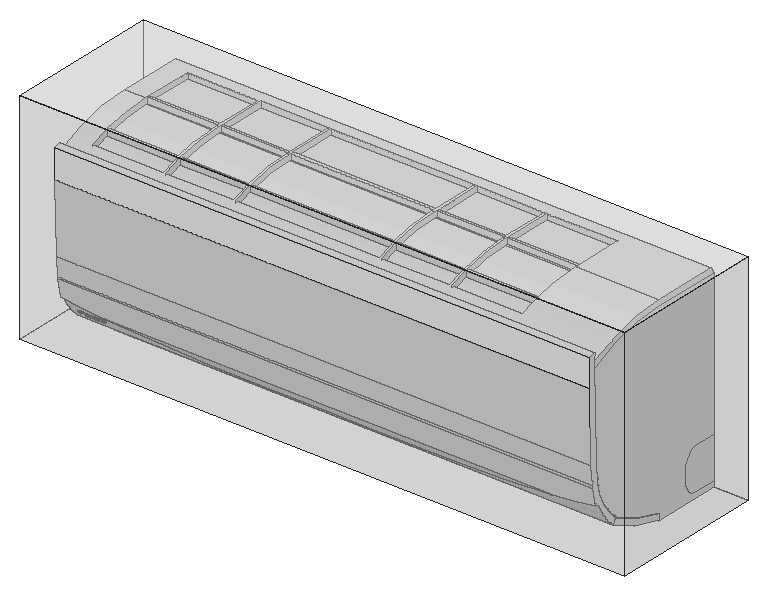
Revit family "outputfile", category 機械設備, Revit 2024
Family settings
  丸型コネクタ寸法 = 半径を使用
  パーツ タイプ = 標準
  OmniClass 番号 = 23.75.10.24.21.27.27
  OmniClass タイトル = Split System Air Conditioning Units
  作業面ベース = いいえ
  常に垂直 = はい
  ロード時にボイドで切り取り = いいえ
  注釈の向きを維持 = いいえ
  共有 = いいえ
  部屋計算ポイント = いいえ
Parameters (values of type "FTKM46Q2VMA")
  書き出し IFC クラス(タイプ) = "IfcUnitaryEquipmentType"
  定義済み IFC タイプ(タイプ) = "AIRCONDITIONINGUNIT"
  Cost = 0
  Type Comments = ""
  Keynote = ""
  Type Image = (empty or 0)
  Assembly Code = ""
  w_wall hole = if(Width = 770.0 mm, 48.0 mm, 60.0 mm)  # 48.0 mm
  製造元 = "Daikin"
  モデル = "FTKM46Q2VMA"
  switch_frequency = yes
  r_Liquid Pipe Size = Liquid Pipe Size / 2  # 3.2 mm
  r_Gas Pipe Size = Gas Pipe Size / 2  # 6.35 mm
  r_Drain Pipe Size = Drain Pipe Size / 2  # 8.0 mm
  lw_powersupply [instance] = if(Width = 770.0 mm, if(or(Rear Right Connection_refrigerant, Bottom Right Connection_refrigerant), 25.0 mm, if(or(Rear Left Connection_refrigerant, Bottom Left Connection_refrigerant), 745.0 mm, 400.0 mm)), if(Width = 990.0 mm, if(or(Rear Right Connection_refrigerant, Bottom Right Connection_refrigerant), 40.0 mm, if(or(Rear Left Connection_refrigerant, Bottom Left Connection_refrigerant), 920.0 mm, 400.0 mm)), if(or(Rear Right Connection_refrigerant, Bottom Right Connection_refrigerant), 40.0 mm, if(or(Rear Left Connection_refrigerant, Bottom Left Connection_refrigerant), 920.0 mm, 400.0 mm))))  # 400.0 mm
  lw_liquidpipe [instance] = if(Width = 770.0 mm, if(or(Rear Right Connection_refrigerant, Bottom Right Connection_refrigerant), 0.0 mm, if(or(Rear Left Connection_refrigerant, Bottom Left Connection_refrigerant), 664.0 mm, 385.0 mm)), if(Width = 990.0 mm, if(or(Rear Right Connection_refrigerant, Bottom Right Connection_refrigerant), 0.0 mm, if(or(Rear Left Connection_refrigerant, Bottom Left Connection_refrigerant), 664.0 mm + (990.0 mm - 770.0 mm), 475.0 mm)), if(or(Rear Right Connection_refrigerant, Bottom Right Connection_refrigerant), 0.0 mm, if(or(Rear Left Connection_refrigerant, Bottom Left Connection_refrigerant), 664.0 mm + (990.0 mm - 770.0 mm), 475.0 mm))))  # 385.0 mm
  lw_gaspipe [instance] = if(Width = 770.0 mm, if(or(Rear Right Connection_refrigerant, Bottom Right Connection_refrigerant), 0.0 mm, if(or(Rear Left Connection_refrigerant, Bottom Left Connection_refrigerant), 675.0 mm, if(Gas Pipe Size = 12.7 mm, 345.0 mm, 335.0 mm))), if(Width = 990.0 mm, if(or(Rear Right Connection_refrigerant, Bottom Right Connection_refrigerant), 10.0 mm, if(or(Rear Left Connection_refrigerant, Bottom Left Connection_refrigerant), 890.0 mm, if(Gas Pipe Size = 15.9 mm, 410.0 mm, 400.0 mm))), if(or(Rear Right Connection_refrigerant, Bottom Right Connection_refrigerant), 10.0 mm, if(or(Rear Left Connection_refrigerant, Bottom Left Connection_refrigerant), 890.0 mm, if(Gas Pipe Size = 15.9 mm, 410.0 mm, 400.0 mm)))))  # 345.0 mm
  lw_drainpipe [instance] = if(Width = 770.0 mm, if(or(Rear Right Connection_refrigerant, Bottom Right Connection_refrigerant), 0.0 mm, if(or(Rear Left Connection_refrigerant, Bottom Left Connection_refrigerant), 770.0 mm - 48.0 mm - 48.0 mm, 440.0 mm)), if(Width = 990.0 mm, if(or(Rear Right Connection_refrigerant, Bottom Right Connection_refrigerant), 0.0 mm, if(or(Rear Left Connection_refrigerant, Bottom Left Connection_refrigerant), 675.0 mm + (990.0 mm - 770.0 mm), 435.0 mm)), if(or(Rear Right Connection_refrigerant, Bottom Right Connection_refrigerant), 0.0 mm, if(or(Rear Left Connection_refrigerant, Bottom Left Connection_refrigerant), 675.0 mm + (990.0 mm - 770.0 mm), 435.0 mm))))  # 440.0 mm
  l_powersupply_length [instance] = if(Width = 770.0 mm, if(Right Connection_refrigerant, 400.0 mm, if(Left Connection_refrigerant, 770.0 mm - 400.0 mm, if(or(Rear Left Connection_refrigerant, Rear Right Connection_refrigerant), 15.0 mm, 50.0 mm))), if(Width = 990.0 mm, if(Right Connection_refrigerant, 400.0 mm, if(Left Connection_refrigerant, 990.0 mm - 400.0 mm, if(or(Rear Left Connection_refrigerant, Rear Right Connection_refrigerant), 15.0 mm, 50.0 mm))), if(Right Connection_refrigerant, 400.0 mm, if(Left Connection_refrigerant, 990.0 mm - 400.0 mm, if(or(Rear Left Connection_refrigerant, Rear Right Connection_refrigerant), 15.0 mm, 50.0 mm)))))  # 400.0 mm
  l_liquidpipe_length [instance] = if(Width = 770.0 mm, if(Right Connection_refrigerant, 433.0 mm, if(Left Connection_refrigerant, 337.0 mm, if(or(Rear Left Connection_refrigerant, Rear Right Connection_refrigerant), 30.0 mm, 40.0 mm))), if(Width = 990.0 mm, if(Right Connection_refrigerant, 535.0 mm, if(Left Connection_refrigerant, 455.0 mm, if(or(Rear Left Connection_refrigerant, Rear Right Connection_refrigerant), 30.0 mm, 40.0 mm))), if(Right Connection_refrigerant, 535.0 mm, if(Left Connection_refrigerant, 455.0 mm, if(or(Rear Left Connection_refrigerant, Rear Right Connection_refrigerant), 30.0 mm, 40.0 mm)))))  # 433.0 mm
  l_gaspipe_length [instance] = if(Width = 770.0 mm, if(Right Connection_refrigerant, if(Gas Pipe Size = 12.7 mm, 393.0 mm, 383.0 mm), if(Left Connection_refrigerant, if(Gas Pipe Size = 12.7 mm, 770.0 mm - 393.0 mm, 770.0 mm - 383.0 mm), if(or(Rear Left Connection_refrigerant, Rear Right Connection_refrigerant), 40.0 mm, 50.0 mm))), if(Width = 990.0 mm, if(Right Connection_refrigerant, if(Gas Pipe Size = 15.9 mm, 470.0 mm, 460.0 mm), if(Left Connection_refrigerant, if(Gas Pipe Size = 15.9 mm, 990.0 mm - 470.0 mm, 990.0 mm - 460.0 mm), if(or(Rear Left Connection_refrigerant, Rear Right Connection_refrigerant), 40.0 mm, 50.0 mm))), if(Right Connection_refrigerant, if(Gas Pipe Size = 15.9 mm, 470.0 mm, 460.0 mm), if(Left Connection_refrigerant, if(Gas Pipe Size = 15.9 mm, 990.0 mm - 470.0 mm, 990.0 mm - 460.0 mm), if(or(Rear Left Connection_refrigerant, Rear Right Connection_refrigerant), 40.0 mm, 50.0 mm)))))  # 393.0 mm
  l_drainpipe_length [instance] = if(Width = 770.0 mm, if(Right Connection_refrigerant, 488.0 mm, if(Left Connection_refrigerant, 282.0 mm, if(or(Rear Left Connection_refrigerant, Rear Right Connection_refrigerant), 15.0 mm, 20.0 mm))), if(Width = 990.0 mm, if(Right Connection_refrigerant, 495.0 mm, if(Left Connection_refrigerant, 495.0 mm, if(or(Rear Left Connection_refrigerant, Rear Right Connection_refrigerant), 15.0 mm, 20.0 mm))), if(Right Connection_refrigerant, 495.0 mm, if(Left Connection_refrigerant, 495.0 mm, if(or(Rear Left Connection_refrigerant, Rear Right Connection_refrigerant), 15.0 mm, 20.0 mm)))))  # 488.0 mm
  h*** = 0.0 mm  # constant formula
  connector_voltage = Voltage_50Hz  # 230 V
  connector_powerinput = [Power Input (Cooling)]  # 0.000 kW
  connector_phase = Phase_50Hz  # 1
  angle_vertical [instance] = if(or(Bottom Left Connection_refrigerant, Bottom Right Connection_refrigerant), 0.00°, 90.00°)  # 90.00°
  angle_horizontal [instance] = if(Right Connection_refrigerant, 90.00°, if(Left Connection_refrigerant, -90.00°, if(or(Rear Left Connection_refrigerant, Rear Right Connection_refrigerant), 180.00°, 0.00°)))  # 90.00°
  Width = 770.0 mm
  Voltage_comment_50Hz = "220 - 240"
  Voltage_50Hz = 230 V
  Version = "ver.1.0"
  Unit Type = "Wall Mounted"
  Unit Mass Weight = 9.00 kg
  Unit Designation [instance] = ""
  Uniclass2015Version = "Products v1.30"
  Uniclass2015Title = "Split coil room air conditioning units"
  Uniclass2015Code = "Pr_70_65_03_86"
  URL = ""
  Total Cooling Capacity [instance] = 0.000 kW
  Sound Pressure Level_M speed (dBA) = 40
  Sound Pressure Level_L speed (dBA) = 35
  Sound Pressure Level_H speed (dBA) = 44
  Sound Power Level_H speed (dB) = 0
  Series = "Single Split_Fan Coil Unit"
  Sensible Cooling Capacity [instance] = 0.000 kW
  Refrigerant Type = "R32"
  Power Input (Cooling) = 0.000 kW
  Phase_50Hz = 1
  Option Accessory 3 [instance] = ""
  Option Accessory 2 [instance] = ""
  Option Accessory 1 [instance] = ""
  Nominal Cooling Capacity = 4.600 kW
  Minimum Circuit Amps_50Hz = 0.0 A
  Minimum Airflow = 504.00 m³/h
  Median Airflow = 600.00 m³/h
  Maximum Fuse Amps_50Hz = 0.0 A
  Maximum Airflow = 732.00 m³/h
  Material_Casing = DAIKIN_PureWhite_Casing_indoorunit
  Load Classification = HVAC
  Liquid Pipe Size = 6.4 mm
  Link_Nested Family [instance] = ""
  IfcVersion = ""
  IfcExportType = "AIRCONDITIONINGUNIT"
  IfcExportAs = "IfcUnitaryEquipmentType"
  Height = 285.0 mm
  Heat Exchanger Type = "Cross Fin Coil"
  Gas Pipe Size = 12.7 mm
  Frequency_50Hz = 50 Hz
  Fan Type = "Cross Flow Fan"
  Fan Drive = "Direct Drive"
  FCU Tag No. [instance] = ""
  Drain Pipe Size = 16.0 mm
  Design Supply Airflow [instance] = 0.00 m³/h
  Description = ""
  Depth = 223.0 mm
  既定の高さ = 0.0 mm
  Cooling Entering Wet Bulb Temperature [instance] = 0.00 °C
  Cooling Entering Dry Bulb Temperature [instance] = 0.00 °C
  Cooling Ambient Wet Bulb Temperature [instance] = 0.00 °C
  Cooling Ambient Dry Bulb Temperature [instance] = 0.00 °C
  Clearance visibility [instance] = yes
  Clearance Top = 30.0 mm
  Clearance Right = 50.0 mm
  Clearance Rear = 0.0 mm
  Clearance Left = 50.0 mm
  Clearance Front = 0.0 mm
  Clearance Bottom = 0.0 mm
  Bottom Right Connection_refrigerant [instance] = no
  Bottom Left Connection_refrigerant [instance] = no
  Rear Right Connection_refrigerant [instance] = no
  Rear Left Connection_refrigerant [instance] = no
  Right Connection_refrigerant [instance] = yes
  Left Connection_refrigerant [instance] = no
Reference planes
  plane 1 "Back": y = 0
  plane 2: z = 0
  plane 3 "Center (Left/Right)": x = 0
  plane 4 "Center (Front/Back)": y = -111.5
  plane 5 "Front": y = -223
  plane 6 "Left": x = -385
  plane 7 "Right": x = 385
  plane 8 "Top": z = 0
  plane 9 "Bottom": z = -285
  plane 10: x = -435
  plane 11: x = 435
  plane 12: y = 0
  plane 13: y = -223
  plane 14: z = 30
  plane 15: z = -285
  plane 16 "lw_Piping and Wiring intake": x = 337
  plane 17 "lw_gaspipe": x = -8
  plane 18 "lw_liquidpipe": x = -48
  plane 19 "lw_drainpipe": x = -103
  plane 20 "lh_drainpipe": z = -265
  plane 21 "lh_liquidpipe": z = -245
  plane 22 "lh_gaspipe": z = -235
  plane 23 "ld_drainpipe": y = -15
  plane 24 "ld_liquidpipe": y = -30
  plane 25 "ld_gaspipe": y = -40
  plane 26 "lw_powersupply": x = -15
Dimensions and locks
  equal spacing: plane 6 "Left", plane 3 "Center (Left/Right)", plane 7 "Right"
  "Width": plane 6 "Left" to plane 7 "Right"
  equal spacing: plane 5 "Front", plane 4 "Center (Front/Back)", plane 1 "Back"
  "Depth": plane 5 "Front" to plane 1 "Back"
  "Height": plane 8 "Top" to plane 9 "Bottom"
  "Clearance Rear": plane 12 to plane 1 "Back"
  "Clearance Front": plane 13 to plane 5 "Front"
  "Clearance Top": plane 14 to plane 8 "Top"
  "Clearance Bottom": plane 9 "Bottom" to plane 15
  "w_wall hole": plane 16 "lw_Piping and Wiring intake" to plane 7 "Right"
  "lw_gaspipe": plane 17 "lw_gaspipe" to plane 16 "lw_Piping and Wiring intake"
  "lw_liquidpipe": plane 18 "lw_liquidpipe" to plane 16 "lw_Piping and Wiring intake"
  "lw_drainpipe": plane 19 "lw_drainpipe" to plane 16 "lw_Piping and Wiring intake"
  locked: plane 20 "lh_drainpipe" to plane 9 "Bottom" at 20
  locked: plane 21 "lh_liquidpipe" to plane 9 "Bottom" at 40
  locked: plane 22 "lh_gaspipe" to plane 9 "Bottom" at 50
  locked: plane 23 "ld_drainpipe" to plane 1 "Back" at 15
  locked: plane 1 "Back" to plane 24 "ld_liquidpipe" at 30
  locked: plane 1 "Back" to plane 25 "ld_gaspipe" at 40
  "lw_powersupply": plane 26 "lw_powersupply" to plane 7 "Right"
  "Clearance Right": plane 7 "Right" to plane 11
  "Clearance Left": plane 10 to plane 6 "Left"
  aligned and locked: level to plane 2
  aligned and locked: plane 12 to nested 1
  aligned and locked: nested 1 to plane 13
  aligned and locked: plane 10 to nested 1
  aligned and locked: plane 11 to nested 1
  aligned and locked: plane 15 to nested 1
  aligned and locked: plane 14 to nested 1
  aligned and locked: plane 17 "lw_gaspipe" to nested 2
  aligned and locked: nested 2 to plane 25 "ld_gaspipe"
  aligned and locked: plane 18 "lw_liquidpipe" to nested 3
  aligned and locked: nested 3 to plane 24 "ld_liquidpipe"
  aligned and locked: plane 19 "lw_drainpipe" to nested 4
  aligned and locked: nested 4 to plane 23 "ld_drainpipe"
  aligned and locked: nested 5 to plane 23 "ld_drainpipe"
  aligned and locked: plane 26 "lw_powersupply" to nested 5
  aligned and locked: level to plane 8 "Top"
  aligned and locked: plane 3 "Center (Left/Right)" to nested 6
  aligned and locked: plane 1 "Back" to nested 6
  aligned and locked: plane 8 "Top" to nested 6
Nested families
  nested 1: "daikin_clearancespace" at (0, -111.5, -127.381), show <- "Clearance visibility", visible <- "Clearance visibility", Link_Nested Family <- "Link_Nested Family", type "daikin_clearancespace"
    with width 870.0 mm, show yes, height 315.0 mm, depth 223.0 mm, Link_Nested Family ""
  nested 2: "daikin_connector_rotate3" at (-8, -40, -235), angle_vertical <- "angle_vertical", angle_horizontal <- "angle_horizontal", length <- "l_gaspipe_length", radius <- "r_Gas Pipe Size", type "daikin_connector_rotate3"
    with show no, radius 6.35 mm, length 393.0 mm, angle_vertical 90.00°, angle_horizontal 90.00°
  nested 3: "daikin_connector_rotate3" at (-48, -30, -245), angle_vertical <- "angle_vertical", angle_horizontal <- "angle_horizontal", radius <- "r_Liquid Pipe Size", length <- "l_liquidpipe_length", type "daikin_connector_rotate3"
    with show no, radius 3.2 mm, length 433.0 mm, angle_vertical 90.00°, angle_horizontal 90.00°
  nested 4: "daikin_connector_rotate3" at (-103, -15, -265), angle_vertical <- "angle_vertical", angle_horizontal <- "angle_horizontal", length <- "l_drainpipe_length", radius <- "r_Drain Pipe Size", type "daikin_connector_rotate3"
    with show no, radius 8.0 mm, length 488.0 mm, angle_vertical 90.00°, angle_horizontal 90.00°
  nested 5: "daikin_connector_rotate3" at (-15, -15, -235), angle_vertical <- "angle_vertical", angle_horizontal <- "angle_horizontal", length <- "l_powersupply_length", type "daikin_connector_rotate3"
    with show no, radius 10.0 mm, length 400.0 mm, angle_vertical 90.00°, angle_horizontal 90.00°
  nested 6: "DAIKIN_indoorunit_FTKM-Q2VMA" at (-31, 0, 0), type "FTKM-Q2VMA"
Connectors
  piping at (385, -40, -235), diameter 12.7, driven by "r_Gas Pipe Size"
    settings: on nested 2, index 1, connector inside diameter 609.6 mm, connector length 0.0 mm, flow factor 0, pipe flow 0.00 m³/h, pressure drop 0.0 Pa, fitting loss kfactor 0, connector angle 0.00°, fixture units 0, engagement length 0.0 mm, angle of deflection 0.00°, flow configuration 1, flow direction 2, fitting loss method 0, system type 29, joint type 0, gender type 0, connector reference index -1, connector utility 0, adjustable connector no, is connector primary yes, connector description "Refrigerant Gas Piping"
  piping at (385, -30, -245), diameter 6.4, driven by "r_Liquid Pipe Size"
    settings: on nested 3, index 2, connector inside diameter 609.6 mm, connector length 0.0 mm, flow factor 0, pipe flow 0.00 m³/h, pressure drop 0.0 Pa, fitting loss kfactor 0, connector angle 0.00°, fixture units 0, engagement length 0.0 mm, angle of deflection 0.00°, flow configuration 1, flow direction 1, fitting loss method 0, system type 29, joint type 0, gender type 0, connector reference index -1, connector utility 0, adjustable connector no, is connector primary no, connector description "Refrigerant Liquid Piping"
  piping at (385, -15, -265), diameter 16, driven by "r_Drain Pipe Size"
    settings: on nested 4, index 3, connector inside diameter 609.6 mm, connector length 0.0 mm, flow factor 0, pipe flow 0.00 m³/h, pressure drop 0.0 Pa, fitting loss kfactor 0, connector angle 0.00°, fixture units 0, engagement length 0.0 mm, angle of deflection 0.00°, flow configuration 1, flow direction 2, fitting loss method 4, system type 16, joint type 0, gender type 0, connector reference index -1, connector utility 0, adjustable connector no, is connector primary no, connector description "Condensate Drain Piping"
  electrical at (385, -15, -235), driven by "Load Classification", driven by "connector_powerinput", driven by "connector_voltage", driven by "connector_phase"
    settings: on nested 5, index 4, voltage 230 V, apparent load 0 VA, apparent load phase1 0 VA, apparent load phase2 0 VA, apparent load phase3 0 VA, power factor 1, load classification "HVAC", number of poles 1, system type 30, power factor state 1, is connector primary yes, connector utility no, sub classification motor no, connector description "Power Supply"
Definition of nested family "daikin_clearancespace"
  Parameters (values of type "daikin_clearancespace")
    Description = "daikin_clearancespace"
    width [instance] = 1823.963 mm
    show [instance] = yes
    material = none
    height [instance] = 1359.762 mm
    depth [instance] = 880.0 mm
    Default Elevation = 0.0 mm
    Link_Nested Family [instance] = ""
  Reference planes
    plane 1 "Center (Front/Back)": y = 0
    plane 2 "Center (Elevation)": z = -0.119
    plane 3 "Center (Left/Right)": x = 0
    plane 4: y = 440
    plane 5: y = -440
    plane 6 "Right": x = 911.982
    plane 7 "Left": x = -911.982
    plane 8 "Top": z = 679.762
    plane 9 "Bottom": z = -680
  Forms (mm)
    Extrusion 1, solid, material <- "material", visible <- "show"
      sketch origin (0, 0, 0) x (1, 0, 0) y (0, 1, 0)
        loop
          line (-911.982, 440) -> (-911.982, -440) -> (911.982, -440) -> (911.982, 440) -> (-911.982, 440)
      from -680 to 679.762
  Lines and regions (mm)
    symbolic lines, visible <- "show"
      curve 1: line (911.982, 440, 0) -> (-911.982, 440, 0)
      curve 2: line (-911.982, 440, 0) -> (-911.982, -440, 0)
      curve 3: line (-911.982, -440, 0) -> (911.982, -440, 0)
      curve 4: line (911.982, -440, 0) -> (911.982, 440, 0)
      curve 5: line (911.982, 0, 679.762) -> (-911.982, 0, 679.762)
      curve 6: line (911.982, 0, -680) -> (911.982, 0, 679.762)
      curve 7: line (-911.982, 0, -680) -> (911.982, 0, -680)
      curve 8: line (-911.982, 0, 679.762) -> (-911.982, 0, -680)
      curve 9: line (0, 440, 679.762) -> (0, -440, 679.762)
      curve 10: line (0, -440, 679.762) -> (0, -440, -680)
      curve 11: line (0, 440, -680) -> (0, 440, 679.762)
      curve 12: line (0, -440, -680) -> (0, 440, -680)
  Dimensions and locks
    "width": plane 7 "Left" to plane 6 "Right"
    "depth": plane 4 to plane 5
    "height": plane 8 "Top" to plane 9 "Bottom"
    equal spacing: plane 7 "Left", plane 3 "Center (Left/Right)", plane 6 "Right"
    equal spacing: plane 4, plane 1 "Center (Front/Back)", plane 5
    equal spacing: plane 8 "Top", plane 2 "Center (Elevation)", plane 9 "Bottom"
    aligned and locked: level to plane 2 "Center (Elevation)"
    aligned and locked: Extrusion 1 sketch curve to plane 4
    aligned and locked: plane 7 "Left" to Extrusion 1 sketch curve
    aligned and locked: Extrusion 1 sketch curve to plane 5
    aligned and locked: Extrusion 1 sketch curve to plane 6 "Right"
    aligned and locked: plane 8 "Top" to Extrusion 1
    aligned and locked: curve 1 to Extrusion 1
    aligned and locked: curve 2 to Extrusion 1
    aligned and locked: curve 3 to Extrusion 1
    aligned and locked: curve 4 to Extrusion 1
    aligned and locked: curve 5 to Extrusion 1
    aligned and locked: curve 6 to Extrusion 1
    aligned and locked: curve 7 to Extrusion 1
    aligned and locked: curve 8 to Extrusion 1
    aligned and locked: curve 9 to Extrusion 1
    aligned and locked: curve 10 to Extrusion 1
    aligned and locked: curve 11 to Extrusion 1
    aligned and locked: curve 12 to Extrusion 1
    aligned and locked: Extrusion 1 to plane 9 "Bottom"
Definition of nested family "DAIKIN_indoorunit_FTKM-Q2VMA"
  Parameters (values of type "FTKM-QVMA")
    switch_unit1_50-71 = Width = 990.0 mm  # no
    switch_unit1_20-46 = Width = 770.0 mm  # yes
    Width = 770.0 mm
    WALL HOLE-R = if(Width = 770.0 mm, 48.0 mm, 60.0 mm)  # 48.0 mm
    WALL HOLE Size = if(Width = 770.0 mm, 65.0 mm, 80.0 mm)  # 65.0 mm
    Material_Casing = none
    Height = if(Width = 770.0 mm, 285.0 mm, 295.0 mm)  # 285.0 mm
    Default Elevation = 0.0 mm
  Reference planes
    plane 1 "Center (Front/Back)": y = 0
    plane 2 "reference_level": z = 0
    plane 3 "Center (Left/Right)": x = 31
    plane 4: x = -354
    plane 5: x = 416
    plane 6: z = -285
  Forms (mm)
    Extrusion 1, solid, material <- "Material_Casing", visible <- "switch_unit1_20-46"
      sketch origin (29, 0, 0) x (0, 1, 0) y (0, 0, 1)
        loop
          line (-5, 0) -> (-98, 0)
          arc (-98, 0) -> (-157.611, -7.211) -> (-213.783, -28.427) r 250
          arc (-213.783, -28.427) -> (-213.842, -32.972) -> (-213.892, -37.516) r 2191
          arc (-213.892, -37.516) -> (-157.832, -15.495) -> (-98.07, -8) r 242
          line (-98.07, -8) -> (0, -8) -> (-5, 0)
      from -383 to 387
    Extrusion 2, solid, material <- "Material_Casing", visible <- "switch_unit1_20-46"
      sketch origin (416, 1296.25, 1200) x (0, 1, 0) y (0, 0, 1)
        loop
          line (-1472.998, -1446.91) -> (-1476.998, -1453.839)
          arc (-1476.998, -1453.839) -> (-1437.481, -1472.422) -> (-1395.25, -1483.538) r 240
          line (-1395.25, -1483.538) -> (-1395.25, -1475.422)
          arc (-1395.25, -1475.422) -> (-1435.407, -1464.663) -> (-1472.998, -1446.91) r 232
      from 0 to -47.5
    Extrusion 3, solid, material <- "Material_Casing", visible <- "switch_unit1_20-46"
      sketch origin (29, 0, 0) x (0, 1, 0) y (0, 0, 1)
        loop
          arc (-223, -60.455) -> (-222.414, -110.646) -> (-220.656, -160.81) r 2149.92
          arc (-220.656, -160.81) -> (-219.65, -174.299) -> (-217.853, -187.706) r 229.911
          arc (-217.853, -187.706) -> (-205.371, -223.594) -> (-181.517, -253.17) r 111
          line (-181.517, -253.17) -> (-177.429, -246.093)
          arc (-177.429, -246.093) -> (-198.77, -218.989) -> (-209.965, -186.36) r 103
          arc (-209.965, -186.36) -> (-211.681, -173.586) -> (-212.651, -160.735) r 221.844
          arc (-212.651, -160.735) -> (-214.739, -93.233) -> (-214.74, -25.699) r 2186.828
          arc (-214.74, -25.699) -> (-214.671, -21.467) -> (-214.594, -17.235) r 2192
          line (-214.594, -17.235) -> (-223, -19.961) -> (-223, -60.455)
      from -383 to 387
    Extrusion 4, solid, material <- "Material_Casing", visible <- "switch_unit1_20-46"
      sketch origin (29, 0, 0) x (0, 1, 0) y (0, 0, 1)
        loop
          line (-181.517, -253.17) -> (-179.597, -249.846)
          arc (-179.597, -249.846) -> (-202.009, -221.399) -> (-213.189, -186.952) r 103
          line (-213.189, -186.952) -> (-217.853, -187.706)
          arc (-217.853, -187.706) -> (-217.533, -189.556) -> (-217.182, -191.4) r 111
          arc (-217.182, -191.4) -> (-213.806, -208.181) -> (-210.362, -224.948) r 4257.809
          arc (-210.362, -224.948) -> (-198.886, -237.857) -> (-186.225, -249.607) r 180
          line (-186.225, -249.607) -> (-181.517, -253.17)
      from -383 to 387
    Extrusion 5, solid, material <- "Material_Casing", visible <- "switch_unit1_20-46"
      sketch origin (29, 0, -20) x (0, 1, 0) y (0, 0, 1)
        loop
          line (0, -265) -> (0, 12) -> (-98.07, 12)
          arc (-98.07, 12) -> (-157.832, 4.505) -> (-213.892, -17.516) r 242
          arc (-213.892, -17.516) -> (-213.638, -79.114) -> (-211.653, -140.681) r 2191
          arc (-211.653, -140.681) -> (-210.685, -153.501) -> (-208.973, -166.243) r 221
          arc (-208.973, -166.243) -> (-197.471, -199.282) -> (-175.482, -226.491) r 102
          arc (-175.482, -226.491) -> (-138.004, -244.019) -> (-98, -254.579) r 231
          line (-98, -254.579) -> (-98, -265) -> (0, -265)
      from -383 to 387
    Extrusion 6, solid, material <- "Material_Casing", visible <- "switch_unit1_20-46"
      sketch origin (-354, 1296.25, 1200) x (0, 1, 0) y (0, 0, 1)
        loop
          line (-1472.998, -1446.91) -> (-1476.998, -1453.839)
          arc (-1476.998, -1453.839) -> (-1437.481, -1472.422) -> (-1395.25, -1483.538) r 240
          line (-1395.25, -1483.538) -> (-1395.25, -1475.422)
          arc (-1395.25, -1475.422) -> (-1435.407, -1464.663) -> (-1472.998, -1446.91) r 232
      from 47 to 0
    Extrusion 7, solid, material <- "Material_Casing", visible <- "switch_unit1_20-46"
      sketch origin (416, 1296.25, 1200) x (0, 1, 0) y (0, 0, 1)
        loop
          line (-1472.998, -1446.91) -> (-1476.998, -1453.839)
          arc (-1476.998, -1453.839) -> (-1443.437, -1470.168) -> (-1407.75, -1481.097) r 240
          line (-1407.75, -1481.097) -> (-1407.75, -1472.894)
          arc (-1407.75, -1472.894) -> (-1441.363, -1462.385) -> (-1472.998, -1446.91) r 232
      from -116.993 to -48.493
    Extrusion 8, solid, material <- "Material_Casing", visible <- "switch_unit1_20-46"
      sketch origin (416, 1296.25, 1200) x (0, 1, 0) y (0, 0, 1)
        loop
          line (-1472.998, -1446.91) -> (-1476.998, -1453.839)
          arc (-1476.998, -1453.839) -> (-1443.437, -1470.168) -> (-1407.75, -1481.097) r 240
          line (-1407.75, -1481.097) -> (-1407.75, -1472.894)
          arc (-1407.75, -1472.894) -> (-1441.363, -1462.385) -> (-1472.998, -1446.91) r 232
      from -717 to -121.993
    Extrusion 9, void
      sketch origin (31, 0, -235) x (1, 0, 0) y (0, 1, 0)
        loop
          line (-252.674, -22.316) -> (-354.941, -22.316) -> (-354.941, -91.341) -> (-252.674, -91.341) -> (-252.674, -22.316)
        loop
          line (-249.341, -91.341) -> (-151.574, -91.341) -> (-151.574, -22.316) -> (-249.341, -22.316) -> (-249.341, -91.341)
        loop
          line (58.309, -22.316) -> (-148.309, -22.316) -> (-148.309, -91.341) -> (58.309, -91.341) -> (58.309, -22.316)
        loop
          line (61.689, -22.316) -> (61.689, -91.341) -> (159.457, -91.341) -> (159.457, -22.316) -> (61.689, -22.316)
        loop
          line (162.789, -22.316) -> (162.789, -91.341) -> (265.057, -91.341) -> (265.057, -22.316) -> (162.789, -22.316)
        loop
          line (-354.941, -94.659) -> (-354.941, -165.259) -> (-252.674, -165.259) -> (-252.674, -94.659) -> (-354.941, -94.659)
        loop
          line (-249.341, -94.659) -> (-249.341, -165.259) -> (-151.574, -165.259) -> (-151.574, -94.659) -> (-249.341, -94.659)
        loop
          line (-148.309, -94.659) -> (-148.309, -165.259) -> (58.309, -165.259) -> (58.309, -94.659) -> (-148.309, -94.659)
        loop
          line (61.689, -94.659) -> (61.689, -165.259) -> (159.457, -165.259) -> (159.457, -94.659) -> (61.689, -94.659)
        loop
          line (162.789, -94.659) -> (162.789, -165.259) -> (265.057, -165.259) -> (265.057, -94.659) -> (162.789, -94.659)
        loop
          line (-354.941, -167.382) -> (-354.941, -192.681) -> (-252.674, -192.681) -> (-252.674, -167.382) -> (-354.941, -167.382)
        loop
          line (-249.341, -167.382) -> (-249.341, -192.681) -> (-151.574, -192.681) -> (-151.574, -167.382) -> (-249.341, -167.382)
        loop
          line (-148.309, -167.382) -> (-148.309, -192.681) -> (58.309, -192.681) -> (58.309, -167.382) -> (-148.309, -167.382)
        loop
          line (159.457, -167.382) -> (61.689, -167.382) -> (61.689, -192.681) -> (159.457, -192.681) -> (159.457, -167.382)
        loop
          line (265.057, -167.382) -> (162.789, -167.382) -> (162.789, -192.681) -> (265.057, -192.681) -> (265.057, -167.382)
      from 201.638 to 250
    Extrusion 10, void
      sketch origin (31, 0, 0) x (1, 0, 0) y (0, 0, 1)
        loop
          arc (597, -174.907) -> (0.056, -245.263) -> (-597, -175.856) r 2585.042
          line (-597, -175.856) -> (-597, -352.872) -> (597, -352.872) -> (597, -174.907)
      from 173 to 315.3
    Extrusion 11, solid, material <- "Material_Casing"
      sketch origin (31, 0, 0) x (1, 0, 0) y (0, 0, 1)
        loop
          circle (337, -240.5) r 32.5
        loop
          circle (-337, -240.5) r 32.5
      from 0 to 5
    Extrusion 12, solid, material <- "Material_Casing", visible <- "switch_unit1_20-46"
      sketch origin (416, 1296.25, 1200) x (0, -1, 0) y (0, 0, 1)
        loop
          line (1326.25, -1417) -> (1296.25, -1417) -> (1296.25, -1477) -> (1326.25, -1477)
          arc (1326.25, -1477) -> (1340.393, -1471.142) -> (1346.25, -1457) r 20
          line (1346.25, -1457) -> (1346.25, -1437)
          arc (1346.25, -1437) -> (1340.393, -1422.858) -> (1326.25, -1417) r 20
      from 0 to 5
    Extrusion 13, solid, material <- "Material_Casing", visible <- "switch_unit1_20-46"
      sketch origin (-354, 1296.25, 1200) x (0, 1, 0) y (0, 0, 1)
        loop
          line (-1296.25, -1417) -> (-1326.25, -1417)
          arc (-1326.25, -1417) -> (-1340.393, -1422.858) -> (-1346.25, -1437) r 20
          line (-1346.25, -1437) -> (-1346.25, -1457)
          arc (-1346.25, -1457) -> (-1340.393, -1471.142) -> (-1326.25, -1477) r 20
          line (-1326.25, -1477) -> (-1296.25, -1477) -> (-1296.25, -1417)
      from 0 to 5
    Extrusion 14, solid, material <- "Material_Casing", visible <- "switch_unit1_20-46"
      sketch origin (31, 0, -285) x (-1, 0, 0) y (0, -1, 0)
        loop
          line (-314, 0) -> (-314, 30)
          arc (-314, 30) -> (-319.858, 44.142) -> (-334, 50) r 20
          line (-334, 50) -> (-354, 50)
          arc (-354, 50) -> (-368.142, 44.142) -> (-374, 30) r 20
          line (-374, 30) -> (-374, 0) -> (-314, 0)
        loop
          line (374, 0) -> (374, 30)
          arc (374, 30) -> (368.142, 44.142) -> (354, 50) r 20
          line (354, 50) -> (334, 50)
          arc (334, 50) -> (319.858, 44.142) -> (314, 30) r 20
          line (314, 30) -> (314, 0) -> (374, 0)
      from 0 to 5
    Extrusion 15, solid, material <- "Material_Casing", visible <- "switch_unit1_50-71"
      sketch origin (31, 0, 0) x (0, 1, 0) y (0, 0, 1)
        loop
          line (-5, 0) -> (-138, 0)
          arc (-138, 0) -> (-197.611, -7.211) -> (-253.783, -28.427) r 250
          arc (-253.783, -28.427) -> (-253.838, -32.687) -> (-253.886, -36.946) r 2191
          arc (-253.886, -36.946) -> (-197.73, -15.346) -> (-138.014, -8) r 246.393
          line (-138.014, -8) -> (0, -8) -> (-5, 0)
      from -495 to 495
    Extrusion 16, solid, material <- "Material_Casing", visible <- "switch_unit1_50-71"
      sketch origin (418, 1296.25, 1200) x (0, 1, 0) y (0, 0, 1)
        loop
          arc (-1515.208, -1454.149) -> (-1506.856, -1460.599) -> (-1497.925, -1466.219) r 110
          arc (-1497.925, -1466.219) -> (-1445.718, -1487.493) -> (-1389.844, -1494.995) r 223
          line (-1389.844, -1494.995) -> (-1389.844, -1486.086) -> (-1404.386, -1486.086)
          arc (-1404.386, -1486.086) -> (-1449.542, -1477.46) -> (-1491.818, -1459.402) r 214.289
          arc (-1491.818, -1459.402) -> (-1501.056, -1453.541) -> (-1509.606, -1446.715) r 101
          line (-1509.606, -1446.715) -> (-1515.208, -1454.149)
      from 108 to 57.5
    Extrusion 17, solid, material <- "Material_Casing", visible <- "switch_unit1_50-71"
      sketch origin (31, 0, 0) x (0, 1, 0) y (0, 0, 1)
        loop
          line (-263, -19.962) -> (-263, -61.6)
          arc (-263, -61.6) -> (-262.414, -110.219) -> (-260.656, -158.81) r 2017.341
          arc (-260.656, -158.81) -> (-255.648, -191.935) -> (-244.041, -223.362) r 164.725
          arc (-244.041, -223.362) -> (-233.569, -239.793) -> (-219.717, -253.495) r 87.379
          line (-219.717, -253.495) -> (-214.706, -246.846)
          arc (-214.706, -246.846) -> (-229.564, -230.029) -> (-240.385, -210.371) r 102
          arc (-240.385, -210.371) -> (-249.049, -182.962) -> (-252.848, -154.467) r 165.789
          arc (-252.848, -154.467) -> (-254.771, -90.102) -> (-254.74, -25.708) r 2122.533
          arc (-254.74, -25.708) -> (-254.671, -21.469) -> (-254.594, -17.23) r 2192
          line (-254.594, -17.23) -> (-263, -19.962)
      from -495 to 495
    Extrusion 18, void
      sketch origin (33, 0, 0) x (1, 0, 0) y (0, 1, 0)
        loop
          line (-466.909, -22.316) -> (-466.909, -111.341) -> (-366.303, -111.341) -> (-366.303, -22.316) -> (-466.909, -22.316)
        loop
          line (-362.71, -22.316) -> (-362.71, -111.341) -> (-262.103, -111.341) -> (-262.103, -22.316) -> (-362.71, -22.316)
        loop
          line (-258.51, -22.316) -> (-258.51, -111.341) -> (-157.904, -111.341) -> (-157.904, -22.316) -> (-258.51, -22.316)
        loop
          line (-154.31, -22.316) -> (-154.31, -111.341) -> (-53.704, -111.341) -> (-53.704, -22.316) -> (-154.31, -22.316)
        loop
          line (-50.11, -22.316) -> (-50.11, -111.341) -> (50.496, -111.341) -> (50.496, -22.316) -> (-50.11, -22.316)
        loop
          line (54.089, -22.316) -> (54.089, -111.341) -> (154.696, -111.341) -> (154.696, -22.316) -> (54.089, -22.316)
        loop
          line (158.289, -22.316) -> (158.289, -111.341) -> (258.895, -111.341) -> (258.895, -22.316) -> (158.289, -22.316)
        loop
          line (262.489, -22.316) -> (262.489, -111.341) -> (363.095, -111.341) -> (363.095, -22.316) -> (262.489, -22.316)
        loop
          line (-466.909, -114.459) -> (-466.909, -185.059) -> (-366.303, -185.059) -> (-366.303, -114.459) -> (-466.909, -114.459)
        loop
          line (-362.71, -114.459) -> (-362.71, -185.059) -> (-262.103, -185.059) -> (-262.103, -114.459) -> (-362.71, -114.459)
        loop
          line (-258.51, -114.459) -> (-258.51, -185.059) -> (-157.904, -185.059) -> (-157.904, -114.459) -> (-258.51, -114.459)
        loop
          line (-154.31, -114.459) -> (-154.31, -185.059) -> (-53.704, -185.059) -> (-53.704, -114.459) -> (-154.31, -114.459)
        loop
          line (-50.11, -114.459) -> (-50.11, -185.059) -> (50.496, -185.059) -> (50.496, -114.459) -> (-50.11, -114.459)
        loop
          line (54.089, -114.459) -> (54.089, -185.059) -> (154.696, -185.059) -> (154.696, -114.459) -> (54.089, -114.459)
        loop
          line (158.289, -114.459) -> (158.289, -185.059) -> (258.895, -185.059) -> (258.895, -114.459) -> (158.289, -114.459)
        loop
          line (262.489, -114.459) -> (262.489, -185.059) -> (363.095, -185.059) -> (363.095, -114.459) -> (262.489, -114.459)
        loop
          line (-466.909, -187.382) -> (-466.909, -232.681) -> (-366.303, -232.681) -> (-366.303, -187.382) -> (-466.909, -187.382)
        loop
          line (-362.71, -187.382) -> (-362.71, -232.681) -> (-262.103, -232.681) -> (-262.103, -187.382) -> (-362.71, -187.382)
        loop
          line (-258.51, -187.382) -> (-258.51, -232.681) -> (-157.904, -232.681) -> (-157.904, -187.382) -> (-258.51, -187.382)
        loop
          line (-154.31, -187.382) -> (-154.31, -232.681) -> (-53.704, -232.681) -> (-53.704, -187.382) -> (-154.31, -187.382)
        loop
          line (-50.11, -187.382) -> (-50.11, -232.681) -> (50.496, -232.681) -> (50.496, -187.382) -> (-50.11, -187.382)
        loop
          line (54.089, -187.382) -> (54.089, -232.681) -> (154.696, -232.681) -> (154.696, -187.382) -> (54.089, -187.382)
        loop
          line (158.289, -187.382) -> (158.289, -232.681) -> (258.895, -232.681) -> (258.895, -187.382) -> (158.289, -187.382)
        loop
          line (262.489, -187.382) -> (262.489, -232.681) -> (363.095, -232.681) -> (363.095, -187.382) -> (262.489, -187.382)
      from -40.013 to 47.268
    Extrusion 19, void
      sketch origin (33, 0, 2300) x (1, 0, 0) y (0, 0, 1)
        loop
          line (705, -2672.872) -> (705, -2462.4)
          arc (705, -2462.4) -> (-2.043, -2534.819) -> (-709, -2461.567) r 3467.757
          line (-709, -2461.567) -> (-709, -2672.872) -> (705, -2672.872)
      from 173 to 315.3
    Extrusion 20, solid, material <- "Material_Casing", visible <- "switch_unit1_50-71"
      sketch origin (-356, 1296.25, 1200) x (0, 1, 0) y (0, 0, -1)
        loop
          line (-1515.208, 1454.149) -> (-1509.606, 1446.715)
          arc (-1509.606, 1446.715) -> (-1501.056, 1453.541) -> (-1491.818, 1459.402) r 101
          arc (-1491.818, 1459.402) -> (-1449.542, 1477.46) -> (-1404.386, 1486.086) r 214.289
          line (-1404.386, 1486.086) -> (-1389.844, 1486.086) -> (-1389.844, 1494.995)
          arc (-1389.844, 1494.995) -> (-1445.718, 1487.493) -> (-1497.925, 1466.219) r 223
          arc (-1497.925, 1466.219) -> (-1506.856, 1460.599) -> (-1515.208, 1454.149) r 110
      from 108 to 61
    Extrusion 21, solid, material <- "Material_Casing", visible <- "switch_unit1_50-71"
      sketch origin (418, 1296.25, 1200) x (0, 1, 0) y (0, 0, 1)
        loop
          arc (-1515.208, -1454.149) -> (-1506.856, -1460.599) -> (-1497.925, -1466.219) r 110
          arc (-1497.925, -1466.219) -> (-1463.185, -1482.066) -> (-1426.25, -1491.755) r 223
          line (-1426.25, -1491.755) -> (-1426.25, -1483.166)
          arc (-1426.25, -1483.166) -> (-1460.008, -1473.969) -> (-1491.818, -1459.402) r 214.289
          arc (-1491.818, -1459.402) -> (-1501.056, -1453.541) -> (-1509.606, -1446.715) r 101
          line (-1509.606, -1446.715) -> (-1515.208, -1454.149)
      from 56.5 to -36.993
    Extrusion 22, solid, material <- "Material_Casing", visible <- "switch_unit1_50-71"
      sketch origin (418, 1296.25, 1200) x (0, 1, 0) y (0, 0, 1)
        loop
          arc (-1426.25, -1483.166) -> (-1443.442, -1479.224) -> (-1460.25, -1473.881) r 214.289
          line (-1460.25, -1473.881) -> (-1460.25, -1483.089)
          arc (-1460.25, -1483.089) -> (-1443.421, -1488.091) -> (-1426.25, -1491.755) r 223
          line (-1426.25, -1491.755) -> (-1426.25, -1483.166)
      from -43.493 to -828.893
    Extrusion 23, solid, material <- "Material_Casing", visible <- "switch_unit1_50-71"
      sketch origin (418, 1296.25, 1200) x (0, 1, 0) y (0, 0, 1)
        loop
          arc (-1515.208, -1454.149) -> (-1506.856, -1460.599) -> (-1497.925, -1466.219) r 110
          arc (-1497.925, -1466.219) -> (-1479.479, -1475.527) -> (-1460.25, -1483.089) r 223
          line (-1460.25, -1483.089) -> (-1460.25, -1473.881)
          arc (-1460.25, -1473.881) -> (-1476.328, -1467.282) -> (-1491.818, -1459.402) r 214.289
          arc (-1491.818, -1459.402) -> (-1501.056, -1453.541) -> (-1509.606, -1446.715) r 101
          line (-1509.606, -1446.715) -> (-1515.208, -1454.149)
      from -43.493 to -828.893
    Extrusion 24, solid, material <- "Material_Casing", visible <- "switch_unit1_50-71"
      sketch origin (31, 0, 0) x (0, 1, 0) y (0, 0, 1)
        loop
          arc (-217.78, -250.924) -> (-234.088, -233.307) -> (-245.826, -212.366) r 102
          arc (-245.826, -212.366) -> (-251.608, -196.062) -> (-255.659, -179.245) r 165.789
          line (-255.659, -179.245) -> (-258.299, -179.737)
          arc (-258.299, -179.737) -> (-257.524, -183.799) -> (-256.646, -187.84) r 164.725
          arc (-256.646, -187.84) -> (-252.868, -206.25) -> (-249.973, -224.82) r 393.089
          arc (-249.973, -224.82) -> (-239.237, -236.969) -> (-227.451, -248.102) r 180
          arc (-227.451, -248.102) -> (-223.723, -250.998) -> (-219.717, -253.495) r 45.878
          line (-219.717, -253.495) -> (-217.78, -250.924)
      from -495 to 495
    Extrusion 25, solid, material <- "Material_Casing", visible <- "switch_unit1_50-71"
      sketch origin (31, 0, -30) x (0, 1, 0) y (0, 0, 1)
        loop
          line (0, 22) -> (-138.014, 22)
          arc (-138.014, 22) -> (-197.73, 14.654) -> (-253.886, -6.946) r 246.393
          arc (-253.886, -6.946) -> (-253.682, -65.635) -> (-251.855, -124.295) r 2120.935
          arc (-251.855, -124.295) -> (-248.086, -152.682) -> (-239.461, -179.988) r 164.789
          arc (-239.461, -179.988) -> (-228.903, -199.231) -> (-214.437, -215.738) r 101
          line (-214.437, -215.738) -> (-212.406, -216.221)
          arc (-212.406, -216.221) -> (-204.07, -222.837) -> (-195.079, -228.53) r 100
          arc (-195.079, -228.53) -> (-145.557, -248.629) -> (-92.593, -255.785) r 213.289
          line (-92.593, -255.785) -> (-92.593, -265) -> (0, -265) -> (0, 22)
      from -495 to 495
    Extrusion 26, solid, material <- "Material_Casing", visible <- "switch_unit1_50-71"
      sketch origin (526, 1296.25, 1200) x (0, -1, 0) y (0, 0, 1)
        loop
          line (1326.25, -1427.035) -> (1296.25, -1427.035) -> (1296.25, -1487.035) -> (1326.25, -1487.035)
          arc (1326.25, -1487.035) -> (1340.393, -1481.177) -> (1346.25, -1467.035) r 20
          line (1346.25, -1467.035) -> (1346.25, -1447.035)
          arc (1346.25, -1447.035) -> (1340.393, -1432.892) -> (1326.25, -1427.035) r 20
      from 0 to 5
    Extrusion 27, solid, material <- "Material_Casing", visible <- "switch_unit1_50-71"
      sketch origin (-459, 1296.25, 1200) x (0, -1, 0) y (0, 0, 1)
        loop
          line (1326.25, -1427.035) -> (1296.25, -1427.035) -> (1296.25, -1487.035) -> (1326.25, -1487.035)
          arc (1326.25, -1487.035) -> (1340.393, -1481.177) -> (1346.25, -1467.035) r 20
          line (1346.25, -1467.035) -> (1346.25, -1447.035)
          arc (1346.25, -1447.035) -> (1340.393, -1432.892) -> (1326.25, -1427.035) r 20
      from 0 to 5
    Extrusion 28, solid, material <- "Material_Casing", visible <- "switch_unit1_50-71"
      sketch origin (31, 200, -295) x (-1, 0, 0) y (0, -1, 0)
        loop
          line (469, 200) -> (469, 230)
          arc (469, 230) -> (463.142, 244.142) -> (449, 250) r 20
          line (449, 250) -> (429, 250)
          arc (429, 250) -> (414.858, 244.142) -> (409, 230) r 20
          line (409, 230) -> (409, 200) -> (469, 200)
        loop
          line (-469, 200) -> (-409, 200) -> (-409, 230)
          arc (-409, 230) -> (-414.858, 244.142) -> (-429, 250) r 20
          line (-429, 250) -> (-449, 250)
          arc (-449, 250) -> (-463.142, 244.142) -> (-469, 230) r 20
          line (-469, 230) -> (-469, 200)
      from 0 to 5
  Cuts and joins
    Extrusion 9 cuts Extrusion 1
    Extrusion 10 cuts Extrusion 4
    joined: Extrusion 3, Extrusion 4
    Extrusion 18 cuts Extrusion 15
    Extrusion 19 cuts Extrusion 24
    joined: Extrusion 17, Extrusion 24
  Lines and regions (mm)
    reference lines
      curve 1: line (-523, -201.911, -229.404) -> (-523, -193.542, -239.977)
      curve 2: line (-523, -240.779, -229.404) -> (-523, -232.411, -239.977)
  Dimensions and locks
    locked: Extrusion 10 sketch curve to Extrusion 10 sketch curve at 1194
    Extrusion 10 sketch curve to Extrusion 10 sketch curve = 1194.0 mm
    locked: Extrusion 12 sketch curve to Extrusion 12 sketch curve at 60
    locked: Extrusion 12 sketch curve to Extrusion 12 sketch curve at 50
    locked: Extrusion 14 sketch curve to Extrusion 14 sketch curve at 60  (x2)
    locked: Extrusion 14 sketch curve to Extrusion 14 sketch curve at 50
    equal spacing: plane 5, plane 3 "Center (Left/Right)", plane 4
    "Width": plane 5 to plane 4
    locked: Extrusion 11 sketch curve to plane 4 at 48
    "WALL HOLE-R": plane 5 to Extrusion 11 sketch curve
    "Height": plane 2 "reference_level" to plane 6
    locked: Extrusion 11 sketch curve to plane 6 at 44.5  (x2)
    locked: cut or joined group of Extrusion 3, Extrusion 4, Extrusion 10 to nested 1 at 15
    locked: Extrusion 17 to nested 2 at 15
    locked: Extrusion 26 sketch curve to Extrusion 26 sketch curve at 60
    locked: Extrusion 26 sketch curve to Extrusion 26 sketch curve at 50
    locked: Extrusion 27 sketch curve to Extrusion 27 sketch curve at 60
    locked: Extrusion 27 sketch curve to Extrusion 27 sketch curve at 50
    locked: Extrusion 28 sketch curve to Extrusion 28 sketch curve at 60  (x2)
    locked: Extrusion 28 sketch curve to Extrusion 28 sketch curve at 50  (x2)
    "WALL HOLE Size": diameter of Extrusion 11 sketch curve  (x2)
    aligned and locked: level to plane 2 "reference_level"
    aligned and locked: nested 1 to curve 1
    aligned and locked: Extrusion 13 sketch curve to Extrusion 12  (x4)
    aligned and locked: Extrusion 14 sketch curve to Extrusion 14 sketch curve  (x2)
    aligned and locked: Extrusion 11 to plane 1 "Center (Front/Back)"
    aligned and locked: nested 2 to curve 2
  Automatic sketch dimensions
    Extrusion 10 sketch curve to plane 3 "Center (Left/Right)" = 597.0 mm
    Extrusion 10 sketch curve to plane 3 "Center (Left/Right)" = 2.0 mm
    Extrusion 10 sketch curve to level = 352.872 mm
    Extrusion 10 sketch curve to level = 175.856 mm
    Extrusion 10 sketch curve to level = 174.907 mm
    curve 1 to level = 239.977 mm
    plane 1 "Center (Front/Back)" to curve 1 = 193.542 mm
    curve 2 to curve 1 = 0.0 mm
    curve 2 to curve 2 = 10.573 mm
    curve 1 to curve 1 = 10.573 mm
    curve 1 to curve 1 = 8.368 mm
    curve 1 to curve 2 = 30.5 mm
    curve 2 to curve 2 = 8.368 mm
    Extrusion 19 sketch curve to plane 3 "Center (Left/Right)" = 707.0 mm
    plane 3 "Center (Left/Right)" to Extrusion 19 sketch curve = 2.0 mm
    plane 3 "Center (Left/Right)" to Extrusion 19 sketch curve = 707.0 mm
    Extrusion 19 sketch curve to level = 372.872 mm
    Extrusion 19 sketch curve to level = 162.4 mm
    Extrusion 19 sketch curve to level = 161.567 mm
    Extrusion 1 sketch curve to level = 0.0 mm
    Extrusion 1 sketch curve to plane 1 "Center (Front/Back)" = 0.0 mm
    plane 1 "Center (Front/Back)" to Extrusion 1 sketch curve = 5.0 mm
    plane 1 "Center (Front/Back)" to Extrusion 1 sketch curve = 98.0 mm
    Extrusion 1 sketch curve to Extrusion 1 sketch curve = 0.07 mm
    Extrusion 1 sketch curve to level = 59.292 mm
    Extrusion 1 sketch curve to plane 1 "Center (Front/Back)" = 1977.0 mm
    Extrusion 1 sketch curve to level = 250.0 mm
    Extrusion 1 sketch curve to Extrusion 1 sketch curve = 0.0 mm
    Extrusion 1 sketch curve to level = 8.0 mm
    Extrusion 1 sketch curve to level = 28.427 mm
    plane 1 "Center (Front/Back)" to Extrusion 2 sketch curve = 180.748 mm
    Extrusion 2 sketch curve to Extrusion 2 sketch curve = 4.0 mm
    Extrusion 2 sketch curve to Extrusion 2 sketch curve = 77.747 mm
    plane 1 "Center (Front/Back)" to Extrusion 2 sketch curve = 59.279 mm
    Extrusion 2 sketch curve to Extrusion 2 sketch curve = 0.0 mm
    Extrusion 2 sketch curve to level = 283.538 mm
    Extrusion 2 sketch curve to Extrusion 2 sketch curve = 8.116 mm
    Extrusion 2 sketch curve to Extrusion 2 sketch curve = 21.583 mm
    Extrusion 2 sketch curve to Extrusion 2 sketch curve = 6.929 mm
    Extrusion 3 sketch curve to level = 19.961 mm
    plane 1 "Center (Front/Back)" to Extrusion 3 sketch curve = 223.0 mm
    Extrusion 3 sketch curve to level = 17.235 mm
    Extrusion 3 sketch curve to Extrusion 3 sketch curve = 8.406 mm
    plane 1 "Center (Front/Back)" to Extrusion 3 sketch curve = 181.517 mm
    Extrusion 3 sketch curve to Extrusion 3 sketch curve = 4.087 mm
    Extrusion 3 sketch curve to Extrusion 3 sketch curve = 69.11 mm
    Extrusion 3 sketch curve to Extrusion 3 sketch curve = 0.001 mm
    Extrusion 3 sketch curve to plane 1 "Center (Front/Back)" = 8.955 mm
    Extrusion 3 sketch curve to Extrusion 3 sketch curve = 0.067 mm
    Extrusion 3 sketch curve to level = 60.455 mm
    Extrusion 3 sketch curve to Extrusion 3 sketch curve = 1917.898 mm
    Extrusion 3 sketch curve to Extrusion 3 sketch curve = 44.907 mm
    Extrusion 3 sketch curve to Extrusion 3 sketch curve = 5.172 mm
    Extrusion 3 sketch curve to level = 150.456 mm
    Extrusion 3 sketch curve to Extrusion 3 sketch curve = 0.006 mm
    Extrusion 3 sketch curve to Extrusion 3 sketch curve = 19.265 mm
    Extrusion 3 sketch curve to Extrusion 3 sketch curve = 0.004 mm
    Extrusion 3 sketch curve to Extrusion 3 sketch curve = 76.368 mm
    Extrusion 3 sketch curve to Extrusion 3 sketch curve = 7.077 mm
    Extrusion 3 sketch curve to Extrusion 3 sketch curve = 1.002 mm
    Extrusion 3 sketch curve to Extrusion 3 sketch curve = 0.046 mm
    Extrusion 3 sketch curve to Extrusion 3 sketch curve = 8.005 mm
    Extrusion 3 sketch curve to Extrusion 3 sketch curve = 0.147 mm
    Extrusion 3 sketch curve to Extrusion 3 sketch curve = 0.0 mm
    plane 1 "Center (Front/Back)" to Extrusion 4 sketch curve = 217.853 mm
    Extrusion 4 sketch curve to Extrusion 4 sketch curve = 4.664 mm
    Extrusion 4 sketch curve to Extrusion 4 sketch curve = 26.964 mm
    Extrusion 4 sketch curve to Extrusion 4 sketch curve = 4.708 mm
    Extrusion 4 sketch curve to Extrusion 4 sketch curve = 1.92 mm
    Extrusion 4 sketch curve to Extrusion 4 sketch curve = 68.441 mm
    Extrusion 4 sketch curve to Extrusion 4 sketch curve = 2.837 mm
    Extrusion 4 sketch curve to Extrusion 4 sketch curve = 38.066 mm
    level to Extrusion 4 sketch curve = 640.031 mm
    Extrusion 4 sketch curve to plane 1 "Center (Front/Back)" = 3958.661 mm
    Extrusion 4 sketch curve to level = 111.946 mm
    Extrusion 4 sketch curve to Extrusion 4 sketch curve = 57.779 mm
    Extrusion 4 sketch curve to Extrusion 4 sketch curve = 3.149 mm
    Extrusion 4 sketch curve to Extrusion 4 sketch curve = 14.078 mm
    Extrusion 4 sketch curve to Extrusion 4 sketch curve = 0.754 mm
    Extrusion 4 sketch curve to Extrusion 4 sketch curve = 0.239 mm
    Extrusion 4 sketch curve to Extrusion 4 sketch curve = 3.324 mm
    Extrusion 4 sketch curve to Extrusion 4 sketch curve = 0.0 mm
    Extrusion 5 sketch curve to plane 1 "Center (Front/Back)" = 0.0 mm
    plane 1 "Center (Front/Back)" to Extrusion 5 sketch curve = 59.278 mm
    Extrusion 5 sketch curve to Extrusion 5 sketch curve = 98.0 mm
    Extrusion 5 sketch curve to Extrusion 5 sketch curve = 0.0 mm  (x3)
    Extrusion 5 sketch curve to level = 8.0 mm
    Extrusion 5 sketch curve to Extrusion 5 sketch curve = 38.791 mm
    Extrusion 5 sketch curve to Extrusion 5 sketch curve = 10.249 mm
    Extrusion 5 sketch curve to plane 1 "Center (Front/Back)" = 9.11 mm
    Extrusion 5 sketch curve to level = 59.292 mm
    Extrusion 5 sketch curve to Extrusion 5 sketch curve = 1967.89 mm
    Extrusion 5 sketch curve to Extrusion 5 sketch curve = 142.454 mm
    Extrusion 5 sketch curve to Extrusion 5 sketch curve = 19.271 mm
    Extrusion 5 sketch curve to Extrusion 5 sketch curve = 80.275 mm
    Extrusion 5 sketch curve to Extrusion 5 sketch curve = 24.579 mm
    Extrusion 5 sketch curve to Extrusion 5 sketch curve = 10.421 mm
    Extrusion 5 sketch curve to level = 46.847 mm
    Extrusion 5 sketch curve to Extrusion 5 sketch curve = 77.412 mm
    Extrusion 5 sketch curve to Extrusion 5 sketch curve = 33.49 mm
    Extrusion 5 sketch curve to Extrusion 5 sketch curve = 2.68 mm
    plane 1 "Center (Front/Back)" to Extrusion 6 sketch curve = 180.748 mm
    Extrusion 6 sketch curve to Extrusion 6 sketch curve = 4.0 mm
    Extrusion 6 sketch curve to Extrusion 6 sketch curve = 77.747 mm
    plane 1 "Center (Front/Back)" to Extrusion 6 sketch curve = 59.279 mm
    Extrusion 6 sketch curve to Extrusion 6 sketch curve = 0.0 mm
    Extrusion 6 sketch curve to level = 283.538 mm
    Extrusion 6 sketch curve to Extrusion 6 sketch curve = 8.116 mm
    Extrusion 6 sketch curve to Extrusion 6 sketch curve = 21.583 mm
    Extrusion 6 sketch curve to Extrusion 6 sketch curve = 6.929 mm
    plane 1 "Center (Front/Back)" to Extrusion 7 sketch curve = 180.748 mm
    Extrusion 7 sketch curve to Extrusion 7 sketch curve = 4.0 mm
    Extrusion 7 sketch curve to Extrusion 7 sketch curve = 65.247 mm
    plane 1 "Center (Front/Back)" to Extrusion 7 sketch curve = 59.279 mm
    Extrusion 7 sketch curve to Extrusion 7 sketch curve = 0.0 mm
    Extrusion 7 sketch curve to level = 281.097 mm
    Extrusion 7 sketch curve to Extrusion 7 sketch curve = 8.203 mm
    Extrusion 7 sketch curve to Extrusion 7 sketch curve = 19.055 mm
    Extrusion 7 sketch curve to Extrusion 7 sketch curve = 6.929 mm
    plane 1 "Center (Front/Back)" to Extrusion 8 sketch curve = 180.748 mm
    Extrusion 8 sketch curve to Extrusion 8 sketch curve = 4.0 mm
    Extrusion 8 sketch curve to Extrusion 8 sketch curve = 65.247 mm
    plane 1 "Center (Front/Back)" to Extrusion 8 sketch curve = 59.279 mm
    Extrusion 8 sketch curve to Extrusion 8 sketch curve = 0.0 mm
    Extrusion 8 sketch curve to level = 281.097 mm
    Extrusion 8 sketch curve to Extrusion 8 sketch curve = 8.203 mm
    Extrusion 8 sketch curve to Extrusion 8 sketch curve = 19.055 mm
    Extrusion 8 sketch curve to Extrusion 8 sketch curve = 6.929 mm
    plane 1 "Center (Front/Back)" to Extrusion 9 sketch curve = 165.259 mm  (x2)
    Extrusion 9 sketch curve to plane 3 "Center (Left/Right)" = 354.941 mm
    plane 1 "Center (Front/Back)" to Extrusion 9 sketch curve = 22.316 mm  (x3)
    Extrusion 9 sketch curve to Extrusion 9 sketch curve = 0.0 mm  (x26)
    Extrusion 9 sketch curve to Extrusion 9 sketch curve = 102.268 mm  (x2)
    Extrusion 9 sketch curve to Extrusion 9 sketch curve = 3.332 mm  (x4)
    Extrusion 9 sketch curve to Extrusion 9 sketch curve = 97.768 mm  (x2)
    Extrusion 9 sketch curve to Extrusion 9 sketch curve = 3.264 mm  (x3)
    plane 3 "Center (Left/Right)" to Extrusion 9 sketch curve = 58.309 mm
    Extrusion 9 sketch curve to Extrusion 9 sketch curve = 3.38 mm  (x3)
    Extrusion 9 sketch curve to Extrusion 9 sketch curve = 2.124 mm  (x6)
    Extrusion 9 sketch curve to Extrusion 9 sketch curve = 25.299 mm  (x2)
    Extrusion 9 sketch curve to Extrusion 9 sketch curve = 70.6 mm
    Extrusion 9 sketch curve to Extrusion 9 sketch curve = 3.317 mm  (x4)
    Extrusion 12 sketch curve to plane 1 "Center (Front/Back)" = 0.0 mm
    Extrusion 12 sketch curve to Extrusion 12 sketch curve = 20.0 mm  (x2)
    Extrusion 12 sketch curve to level = 277.0 mm
    plane 1 "Center (Front/Back)" to Extrusion 14 sketch curve = 0.0 mm
    plane 3 "Center (Left/Right)" to Extrusion 14 sketch curve = 374.0 mm
    Extrusion 14 sketch curve to Extrusion 14 sketch curve = 20.0 mm  (x3)
    plane 1 "Center (Front/Back)" to Extrusion 14 sketch curve = 30.0 mm
    Extrusion 14 sketch curve to plane 3 "Center (Left/Right)" = 314.0 mm
    Extrusion 15 sketch curve to level = 0.0 mm
    Extrusion 15 sketch curve to plane 1 "Center (Front/Back)" = 0.0 mm
    plane 1 "Center (Front/Back)" to Extrusion 15 sketch curve = 5.0 mm
    Extrusion 15 sketch curve to Extrusion 15 sketch curve = 133.0 mm
    Extrusion 15 sketch curve to Extrusion 15 sketch curve = 0.013 mm
    Extrusion 15 sketch curve to level = 59.292 mm
    Extrusion 15 sketch curve to plane 1 "Center (Front/Back)" = 1937.0 mm
    Extrusion 15 sketch curve to Extrusion 15 sketch curve = 250.0 mm
    Extrusion 15 sketch curve to Extrusion 15 sketch curve = 4.393 mm
    Extrusion 15 sketch curve to level = 8.0 mm
    Extrusion 15 sketch curve to level = 28.427 mm
    plane 1 "Center (Front/Back)" to Extrusion 16 sketch curve = 218.957 mm
    Extrusion 16 sketch curve to Extrusion 16 sketch curve = 5.601 mm
    Extrusion 16 sketch curve to Extrusion 16 sketch curve = 65.735 mm
    Extrusion 16 sketch curve to Extrusion 16 sketch curve = 1.462 mm
    plane 1 "Center (Front/Back)" to Extrusion 16 sketch curve = 108.136 mm
    Extrusion 16 sketch curve to Extrusion 16 sketch curve = 14.543 mm
    plane 1 "Center (Front/Back)" to Extrusion 16 sketch curve = 92.093 mm
    Extrusion 16 sketch curve to Extrusion 16 sketch curve = 1.354 mm
    Extrusion 16 sketch curve to level = 294.995 mm
    Extrusion 16 sketch curve to Extrusion 16 sketch curve = 8.909 mm
    Extrusion 16 sketch curve to Extrusion 16 sketch curve = 31.937 mm
    Extrusion 16 sketch curve to Extrusion 16 sketch curve = 7.433 mm
    Extrusion 16 sketch curve to Extrusion 16 sketch curve = 75.403 mm
    Extrusion 16 sketch curve to Extrusion 16 sketch curve = 0.896 mm
    Extrusion 16 sketch curve to level = 72.504 mm
    Extrusion 16 sketch curve to Extrusion 16 sketch curve = 0.504 mm
    Extrusion 17 sketch curve to level = 19.962 mm
    plane 1 "Center (Front/Back)" to Extrusion 17 sketch curve = 263.0 mm
    Extrusion 17 sketch curve to level = 17.23 mm
    Extrusion 17 sketch curve to Extrusion 17 sketch curve = 8.406 mm
    Extrusion 17 sketch curve to Extrusion 17 sketch curve = 43.283 mm
    Extrusion 17 sketch curve to Extrusion 17 sketch curve = 5.011 mm
    Extrusion 17 sketch curve to Extrusion 17 sketch curve = 49.129 mm
    Extrusion 17 sketch curve to Extrusion 17 sketch curve = 19.417 mm
    Extrusion 17 sketch curve to Extrusion 17 sketch curve = 50.037 mm
    Extrusion 17 sketch curve to Extrusion 17 sketch curve = 8.89 mm
    Extrusion 17 sketch curve to level = 61.6 mm
    Extrusion 17 sketch curve to plane 1 "Center (Front/Back)" = 1754.341 mm
    Extrusion 17 sketch curve to level = 58.909 mm
    Extrusion 17 sketch curve to Extrusion 17 sketch curve = 113.192 mm
    Extrusion 17 sketch curve to Extrusion 17 sketch curve = 69.467 mm
    Extrusion 17 sketch curve to level = 146.886 mm
    Extrusion 17 sketch curve to Extrusion 17 sketch curve = 3.987 mm
    Extrusion 17 sketch curve to Extrusion 17 sketch curve = 20.44 mm
    Extrusion 17 sketch curve to Extrusion 17 sketch curve = 13.597 mm
    Extrusion 17 sketch curve to Extrusion 17 sketch curve = 61.936 mm
    Extrusion 17 sketch curve to Extrusion 17 sketch curve = 6.649 mm
    Extrusion 17 sketch curve to level = 59.438 mm
    Extrusion 17 sketch curve to Extrusion 17 sketch curve = 0.0 mm
    Extrusion 17 sketch curve to Extrusion 17 sketch curve = 0.147 mm
    Extrusion 17 sketch curve to Extrusion 17 sketch curve = 7.808 mm
    plane 1 "Center (Front/Back)" to Extrusion 18 sketch curve = 22.316 mm  (x6)
    Extrusion 18 sketch curve to plane 3 "Center (Left/Right)" = 464.909 mm
    Extrusion 18 sketch curve to Extrusion 18 sketch curve = 0.0 mm  (x27)
    Extrusion 18 sketch curve to Extrusion 18 sketch curve = 100.606 mm  (x7)
    Extrusion 18 sketch curve to Extrusion 18 sketch curve = 3.594 mm  (x16)
    Extrusion 18 sketch curve to plane 3 "Center (Left/Right)" = 51.704 mm
    plane 3 "Center (Left/Right)" to Extrusion 18 sketch curve = 52.496 mm  (x2)
    Extrusion 18 sketch curve to Extrusion 18 sketch curve = 89.026 mm  (x6)
    Extrusion 18 sketch curve to Extrusion 18 sketch curve = 3.117 mm  (x8)
    Extrusion 18 sketch curve to Extrusion 18 sketch curve = 70.6 mm  (x7)
    Extrusion 18 sketch curve to Extrusion 18 sketch curve = 2.324 mm  (x8)
    Extrusion 18 sketch curve to Extrusion 18 sketch curve = 45.299 mm  (x7)
    plane 1 "Center (Front/Back)" to Extrusion 20 sketch curve = 218.957 mm
    Extrusion 20 sketch curve to Extrusion 20 sketch curve = 5.601 mm
    Extrusion 20 sketch curve to Extrusion 20 sketch curve = 65.735 mm
    Extrusion 20 sketch curve to Extrusion 20 sketch curve = 1.462 mm
    plane 1 "Center (Front/Back)" to Extrusion 20 sketch curve = 108.136 mm
    Extrusion 20 sketch curve to Extrusion 20 sketch curve = 14.543 mm
    plane 1 "Center (Front/Back)" to Extrusion 20 sketch curve = 92.093 mm
    Extrusion 20 sketch curve to Extrusion 20 sketch curve = 1.354 mm
    Extrusion 20 sketch curve to level = 72.0 mm
    Extrusion 20 sketch curve to Extrusion 20 sketch curve = 0.504 mm
